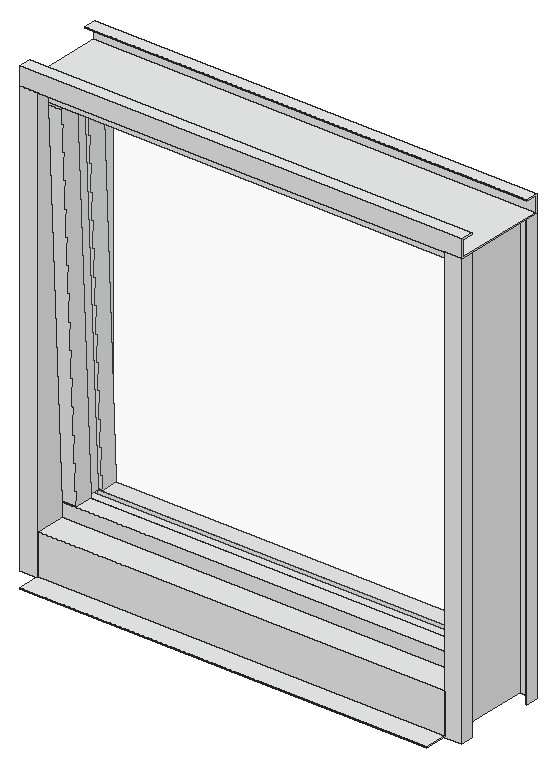
Revit family "Specialty_Equipment-Bavis_Fabacraft-Premium_Drive-Up_Window NEW", category Specialty Equipment, host Wall, Revit 2020
Family settings
  Host = Wall
  Round Connector Dimension = Use Diameter
  Part Type = Normal
  OmniClass Number = 23.40.70.27.24.21
  OmniClass Title = Service and Teller Window Units
  Always vertical = Yes
  Cut with Voids When Loaded = No
  Shared = No
  Room Calculation Point = No
Parameters (values of type "3' Series Window - Trimless")
  Width = if(Constraints = 3, 2' 8", if(Constraints = 5, 4' 8", if(Constraints = 8, 7' 4 3/8", if(Constraints = 10, 9' 3 1/2", if(Constraints = 12, 11' 6 1/8", 2' 8")))))  # 2' - 8"
  Warranty URL = ""
  Video Link = "https://www.youtube.com/watch?v=4XuO8WkjTBw"
  Version = "2020 - v1.0a"  # constant formula
  URL = "https://www.bavis.com/"
  Trim = no
  Support Phone = "224-699-9545"  # constant formula
  Support Email = "mailto:support@bimsmith.com"
  Rough Width = Width + 0' 0 1/2"  # 2' - 8 1/2"
  Rough Height = Height + 0' 0 1/4"  # 2' - 9"
  Mounting Height [instance] = 3' - 9.36914"
  Glazing = Glass - Bavis Fabacraft - Clear
  Product Page URL = "https://www.bavis.com/drive-up-premium-windows"
  Product Name = "Bavis Premium Drive-Up Windows"  # constant formula
  Product Documentation Link = "https://docs.bavis.com/windows/drive-up-windows"
  Model = "12001015"
  Material = ""
  Manufacturer Phone Number = "(513) 677-0500"  # constant formula
  Manufacturer Email = "mailto:sales@bavis.com"
  Manufacturer Address = "201 Grandin Road, Maineville, OH 45039"  # constant formula
  Manufacturer = "Bavis Fabacraft"  # constant formula
  Keynote = "08 51 00"
  Instruction Sheet Link = "https://docs.bavis.com/windows/drive-up-windows"
  Height = 2' - 8 3/4"  # constant formula
  Finish = Metal - Bavis Fabacraft -Aluminum
  Depth = 0' - 6 3/4"  # constant formula
  Default Elevation = 0' - 0"
  Copyright = "© 2022 Bavis Fabacraft, All Rights Reserved."  # constant formula
  Constraints = 3
  Inset [instance] = 0' - 0"
  C Center 2 = if(Constraints = 12, Width / 3, 0' 0")  # 0' - 0"
  C Center 1 = if(Constraints = 10, Width / 2, if(Constraints = 12, Width / 3, 0' 0"))  # 0' - 0"
  C Bracket [instance] = if(or(Trim, Constraints = 5), 0' 6 3/4", 0' 8 3/8")  # 0' - 8 3/8"
  C Base [instance] = if(and(Trim, (or(Constraints = 3, Constraints = 5, Constraints = 10))), 0' 2", 0' 3")  # 0' - 3"
  Assembly Code = "B2020100"
  12L = if(Constraints = 12, 1 = 1, 1 = 0)  # no
  10L = if(or(Constraints = 10, Constraints = 12), 1 = 1, 1 = 0)  # no
Types (11): name | Width | Warranty URL | Trim | Rough Width | Model | Constraints | C Center 2 | C Center 1 | C Bracket | C Base | 12L | 10L
  (no name) | 2' - 8" | "" | no | 2' - 8 1/2" | "12001015" | 3 | 0' - 0" | 0' - 0" | 0' - 8 3/8" | 0' - 3" | no | no
  3' Series Window - Trimless | 2' - 8" | "" | no | 2' - 8 1/2" | "12001015" | 3 | 0' - 0" | 0' - 0" | 0' - 8 3/8" | 0' - 3" | no | no
  5' Series Window - Trimless | 4' - 8" | "" | no | 4' - 8 1/2" | "12001006" | 5 | 0' - 0" | 0' - 0" | 0' - 6 3/4" | 0' - 3" | no | no
  8' Series Window - Trimless | 7' - 4 3/8" | "" | no | 7' - 4 7/8" | "12001007" | 8 | 0' - 0" | 0' - 0" | 0' - 8 3/8" | 0' - 3" | no | no
  10' Series Window - Trimless | 9' - 3 1/2" | "" | no | 9' - 4" | "12001008" | 10 | 0' - 0" | 4' - 7 3/4" | 0' - 8 3/8" | 0' - 3" | no | yes
  12' Series Window - Trimless | 11' - 6 1/8" | "" | no | 11' - 6 5/8" | "12001002" | 12 | 3' - 10.04167" | 3' - 10.04167" | 0' - 8 3/8" | 0' - 3" | yes | yes
  3' Series Window - Trim | 2' - 8" | "Contact Manufacturer for Warranty Information" | yes | 2' - 8 1/2" | "12000987" | 3 | 0' - 0" | 0' - 0" | 0' - 6 3/4" | 0' - 2" | no | no
  5' Series Window - Trim | 4' - 8" | "" | yes | 4' - 8 1/2" | "12000994" | 5 | 0' - 0" | 0' - 0" | 0' - 6 3/4" | 0' - 2" | no | no
  8' Series Window - Trim | 7' - 4 3/8" | "" | yes | 7' - 4 7/8" | "12000996" | 8 | 0' - 0" | 0' - 0" | 0' - 6 3/4" | 0' - 3" | no | no
  10' Series Window - Trim | 9' - 3 1/2" | "" | yes | 9' - 4" | "12000995" | 10 | 0' - 0" | 4' - 7 3/4" | 0' - 6 3/4" | 0' - 2" | no | yes
  12' Series Window - Trim | 11' - 6 1/8" | "" | yes | 11' - 6 5/8" | "12001000" | 12 | 3' - 10.04167" | 3' - 10.04167" | 0' - 6 3/4" | 0' - 3" | yes | yes
Reference planes (in)
  plane 1: y = 0
  plane 2 "Center (Left/Right)": x = 0
  plane 3 "Back": y = 3.375
  plane 4: y = 3.375
  plane 5 "FF": z = 0
  plane 6: z = 78.11914
  plane 7: z = 45.36914
  plane 8: x = 16
  plane 9: x = -16
  plane 10: z = 61.74414
  plane 11: x = 16.25
  plane 12: x = -16.25
  plane 13: z = 78.36914
  plane 14: y = 3.375
  plane 15 "F": y = -3.375
  plane 16: y = 0
  plane 17 "L": x = -14.72866
  plane 18 "R": x = 14.72866
  plane 19 "S": x = -13.97866
  plane 20 "T": x = 13.97866
  plane 21 "C1": x = -16
  plane 22 "C2": x = -16
  plane 23: z = 48.36914
  plane 24: y = 0.5
  plane 25: y = -0.5
Forms (in)
  Extrusion 1, void
    sketch origin (216, 3.375, 156) x (0, 0, -1) y (1, 0, 0)
      loop
        line (77.88086, -200) -> (77.88086, -232) -> (110.63086, -232) -> (110.63086, -200) -> (77.88086, -200)
    from -4 to 34.26016
  Sweep 2, solid, material "Metal - Bavis Fabacraft -Aluminum" <- "Finish"
    path origin (0, -3.375, 0) x (0, 0, 1) y (-1, 0, 0)
      loop
        line (78.11914, -16) -> (78.11914, 16)
    profile origin (0, -3.375, 78.11914) x (0, 0, -1) y (0, -1, 0)
      loop
        line (0, 0) -> (0, -0.89844) -> (0.09375, -0.89844) -> (0.09375, -0.09375) -> (1.17759, -0.09375) -> (1.17759, -6.65625) -> (0.09375, -6.65625) -> (0.09375, -5.85156) -> (0, -5.85156) -> (0, -6.75) -> (1.27134, -6.75) -> (1.27134, 0) -> (0, 0)
  Sweep 3, solid, material "Metal - Bavis Fabacraft -Aluminum" <- "Finish"
    path origin (0, -3.375, 0) x (0, 0, 1) y (-1, 0, 0)
      loop
        line (76.8478, -16) -> (45.36914, -16)
    profile origin (16, -3.375, 61.10847) x (0, -1, 0) y (1, 0, 0)
      loop
        line (0, -32) -> (0, -30.72866) -> (-6.75, -30.72866) -> (-6.75, -32) -> (-5.85156, -32) -> (-5.85156, -31.90625) -> (-6.65625, -31.90625) -> (-6.65625, -30.82241) -> (-0.09375, -30.82241) -> (-0.09375, -31.90625) -> (-0.89844, -31.90625) -> (-0.89844, -32) -> (0, -32)
      loop
        line (0, 0) -> (-0.89844, 0) -> (-0.89844, -0.09375) -> (-0.09375, -0.09375) -> (-0.09375, -1.17759) -> (-6.65625, -1.17759) -> (-6.65625, -0.09375) -> (-5.85156, -0.09375) -> (-5.85156, 0) -> (-6.75, 0) -> (-6.75, -1.27134) -> (0, -1.27134) -> (0, 0)
  Sweep 4, solid, material "Metal - Bavis Fabacraft -Aluminum" <- "Finish"
    path origin (0, -3.375, 0) x (0, 0, 1) y (-1, 0, 0)
      loop
        line (45.36914, -14.72866) -> (45.36914, 14.72866)
    profile origin (0, -3.375, 45.36914) x (0, 0, -1) y (0, -1, 0)
      loop
        line (0, -6.75) -> (0, -6.65625) -> (-2.90862, -6.65625) -> (-2.90862, -0.09375) -> (-0.1875, -0.09375) -> (-0.1875, -0.55323) -> (-0.09375, -0.55323) -> (-0.09375, 0) -> (-3.00237, 0) -> (-3.00237, -6.75) -> (0, -6.75)
  Sweep 5, solid, material "Metal - Bavis Fabacraft -Aluminum" <- "Finish"
    path origin (0, -3.375, 0) x (0, 0, 1) y (-1, 0, 0)
      loop
        line (45.36914, -14.72866) -> (45.36914, 14.72866)
    profile origin (0, -3.375, 45.36914) x (0, 0, -1) y (0, -1, 0)
      loop
        line (-0.95271, -6.5625) -> (-0.95271, -6.65625) -> (0, -6.65625) -> (0, 1.625) -> (-0.09375, 1.625) -> (-0.09375, -6.5625) -> (-0.95271, -6.5625)
  Extrusion 6, solid, material "Metal - Bavis Fabacraft -Aluminum" <- "Finish"
    sketch origin (0, 0, 0) x (0, 1, 0) y (0, 0, 1)
      loop
        line (1.22638, 76.8478) -> (-2.47656, 76.8478) -> (-2.47656, 75.8478) -> (-1.12509, 75.8478) -> (-1.12509, 76.0978) -> (-0.12509, 76.0978) -> (-0.12509, 75.8478) -> (1.22638, 75.8478) -> (1.22638, 76.8478)
      loop
        line (2.47656, 49.36914) -> (1.12509, 49.36914) -> (1.12509, 49.11914) -> (0.13779, 49.11914) -> (0.13779, 49.36914) -> (-1.21074, 49.36914) -> (-1.21074, 48.36914) -> (2.47656, 48.36914) -> (2.47656, 49.36914)
    from -14.72866 to 14.72866
  Extrusion 7, solid, material "Glass - Bavis Fabacraft - Clear" <- "Glazing"
    sketch origin (0, 0, 0) x (0, 1, 0) y (0, 0, 1)
      loop
        line (-1.12509, 76.0978) -> (-1.12509, 75.70877) -> (0.13458, 49.3697) -> (0.13458, 48.9965) -> (1.12509, 48.9965) -> (1.12509, 49.36097) -> (-0.12514, 75.73349) -> (-0.12514, 76.0978) -> (-1.12509, 76.0978)
    from -13.97866 to 13.97866
  Sweep 8, solid, material "Metal - Bavis Fabacraft -Aluminum" <- "Finish", visible <- "10L"
    path origin (-16, 0, 0) x (0, 0, 1) y (0, 1, 0)
      loop
        line (75.8478, -0.62509) -> (75.72164, -0.62509) -> (49.47278, 0.62509) -> (49.36914, 0.62509)
    profile origin (-16, 0.62509, 49.42096) x (-1, 0, 0) y (0, -1, 0)
      loop
        line (1.75, 1.83945) -> (-1.75, 1.83945) -> (-1.75, 0.49052) -> (-1.5, 0.49052) -> (-1.5, -0.49944) -> (-1.75, -0.49944) -> (-1.75, -1.84949) -> (1.75, -1.84949) -> (1.75, -0.49944) -> (1.5, -0.49944) -> (1.5, 0.49052) -> (1.75, 0.49052) -> (1.75, 1.83945)
  Sweep 9, solid, material "Metal - Bavis Fabacraft -Aluminum" <- "Finish", visible <- "12L"
    path origin (-16, 0, 0) x (0, 0, 1) y (0, 1, 0)
      loop
        line (75.8478, -0.62509) -> (75.72164, -0.62509) -> (49.47278, 0.62509) -> (49.36914, 0.62509)
    profile origin (-16, 0.62509, 49.42096) x (-1, 0, 0) y (0, -1, 0)
      loop
        line (1.79167, 1.83945) -> (-1.70833, 1.83945) -> (-1.70833, 0.49052) -> (-1.45833, 0.49052) -> (-1.45833, -0.49944) -> (-1.70833, -0.49944) -> (-1.70833, -1.84949) -> (1.79167, -1.84949) -> (1.79167, -0.49944) -> (1.54167, -0.49944) -> (1.54167, 0.49052) -> (1.79167, 0.49052) -> (1.79167, 1.83945)
  Sweep 10, solid, material "Metal - Bavis Fabacraft -Aluminum" <- "Finish", visible <- "Trim"
    path origin (0, -3.375, 0) x (0, 0, 1) y (-1, 0, 0)
      loop
        line (45.36914, -16) -> (78.11914, -16) -> (78.11914, 16) -> (45.36914, 16)
    profile origin (0, -3.375, 78.11914) x (0, 0, -1) y (0, -1, 0)
      loop
        line (1.27134, -0.89844) -> (1.27134, 0.47656) -> (-2.72866, 0.47656) -> (-2.72866, -0.89844) -> (1.27134, -0.89844)
  Sweep 11, solid, material "Metal - Bavis Fabacraft -Aluminum" <- "Finish", visible <- "12L"
    path origin (14.72866, 0, 0) x (0, 0, 1) y (0, 1, 0)
      loop
        line (75.8478, -0.62509) -> (75.72164, -0.62509) -> (49.47278, 0.62509) -> (49.36914, 0.62509)
    profile origin (14.72866, 0.62509, 49.42096) x (1, 0, 0) y (0, 1, 0)
      loop
        line (0, 1.83945) -> (-1, 1.83945) -> (-1, 0.49052) -> (-0.75, 0.49052) -> (-0.75, -0.49944) -> (-1, -0.49944) -> (-1, -1.84949) -> (0, -1.84949) -> (0, 1.83945)
  Sweep 12, solid, material "Metal - Bavis Fabacraft -Aluminum" <- "Finish"
    path origin (-14.72866, 0, 0) x (0, 0, 1) y (0, 1, 0)
      loop
        line (75.8478, -0.62509) -> (75.72164, -0.62509) -> (49.47278, 0.62509) -> (49.36914, 0.62509)
    profile origin (-14.72866, 0.62509, 49.42096) x (-1, 0, 0) y (0, -1, 0)
      loop
        line (0, 1.83945) -> (-1, 1.83945) -> (-1, 0.49052) -> (-0.75, 0.49052) -> (-0.75, -0.49944) -> (-1, -0.49944) -> (-1, -1.84949) -> (0, -1.84949) -> (0, 1.83945)
Text (in)
  text "Placement Side" at (0, 40.15149, 123.01588), in view "Right"
  text "Placement Side" at (-58.6842, 42.74981, 0), in view "Ref. Level"
  text "Placement Side" at (0, 47.49176, 140.59947), in view "Left"
Dimensions and locks (in)
  locked: plane 3 "Back" to host wall
  equal spacing: plane 9, plane 2 "Center (Left/Right)", plane 8
  "Width": plane 9 to plane 8
  equal spacing: plane 7, plane 10, plane 6
  "Height": plane 7 to plane 6
  "Mounting Height": plane 5 "FF" to plane 7
  equal spacing: plane 12, plane 2 "Center (Left/Right)", plane 11
  "Rough Width": plane 12 to plane 11
  "Rough Height": plane 7 to plane 13
  "Inset": plane 15 "F" to host wall
  "Depth": plane 14 to plane 15 "F"
  locked: Sweep 3 sketch curve to plane 6 at 1.27134
  locked: plane 9 to Sweep 4 sketch curve at 1.27134
  locked: Sweep 4 sketch curve to plane 8 at 1.27134
  locked: Sweep 5 sketch curve to plane 8 at 1.27134
  locked: plane 9 to Sweep 5 sketch curve at 1.27134
  "C Bracket": plane 14 to Sweep 5 sketch curve
  plane 9 to Sweep 3 sketch curve to Sweep 3 sketch curve to Sweep 3 sketch curve to Sweep 3 sketch curve to Sweep 3 sketch curve to Sweep 3 sketch curve = 0' - 0" locked, 0' - 0" locked, 0' - 0 3/32" locked, 0' - 0" locked, 0' - 1.08384" locked, 0' - 0 3/32" locked
  Sweep 3 sketch curve to Sweep 3 sketch curve to Sweep 3 sketch curve to Sweep 3 sketch curve to plane 8 to Sweep 3 sketch curve to Sweep 3 sketch curve = 0' - 0 3/32" locked, 0' - 1.08384" locked, 0' - 0" locked, 0' - 0 3/32" locked, 0' - 0" locked, 0' - 0" locked
  equal spacing: plane 15 "F", plane 16, plane 14
  Sweep 3 sketch curve to Sweep 3 sketch curve to Sweep 3 sketch curve to Sweep 3 sketch curve to plane 14 to Sweep 3 sketch curve to Sweep 3 sketch curve = 0' - 0" locked, 0' - 0 103/128" locked, 0' - 0" locked, 0' - 0 3/32" locked, 0' - 0" locked, 0' - 0" locked
  plane 15 "F" to Sweep 3 sketch curve to Sweep 3 sketch curve to Sweep 3 sketch curve to Sweep 3 sketch curve to Sweep 3 sketch curve to Sweep 3 sketch curve = 0' - 0" locked, 0' - 0" locked, 0' - 0 3/32" locked, 0' - 0" locked, 0' - 0 103/128" locked, 0' - 0" locked
  plane 6 to Sweep 2 sketch curve to Sweep 2 sketch curve to Sweep 2 sketch curve to Sweep 2 sketch curve to Sweep 2 sketch curve to Sweep 2 sketch curve = 0' - 0" locked, 0' - 0" locked, 0' - 0 3/32" locked, 0' - 0" locked, 0' - 1.08384" locked, 0' - 0 3/32" locked
  Sweep 2 sketch curve to Sweep 2 sketch curve to plane 15 "F" to Sweep 2 sketch curve = 0' - 0 103/128" locked, 0' - 0 3/32" locked, 0' - 0" locked
  plane 14 to Sweep 2 sketch curve to Sweep 2 sketch curve to Sweep 2 sketch curve = 0' - 0" locked, 0' - 0 3/32" locked, 0' - 0 103/128" locked
  plane 14 to Sweep 4 sketch curve to Sweep 4 sketch curve = 0' - 0" locked, 0' - 0 3/32" locked
  Sweep 4 sketch curve to Sweep 4 sketch curve to plane 15 "F" to Sweep 4 sketch curve = 0' - 0.45948" locked, 0' - 0 3/32" locked, 0' - 0" locked
  Sweep 4 sketch curve to Sweep 4 sketch curve to plane 7 to Sweep 4 sketch curve = 0' - 0 3/32" locked, 0' - 0 3/32" locked, 0' - 0" locked
  plane 14 to Sweep 5 sketch curve to Sweep 5 sketch curve = 0' - 0 3/32" locked, 0' - 0 3/32" locked
  Sweep 5 sketch curve to Sweep 5 sketch curve to plane 7 to Sweep 5 sketch curve = 0' - 0.85896" locked, 0' - 0 3/32" locked, 0' - 0" locked
  plane 14 to Extrusion 6 sketch curve to Extrusion 6 sketch curve to Extrusion 6 sketch curve to Extrusion 6 sketch curve = 0' - 0 115/128" locked, 0' - 1.35147" locked, 0' - 0.9873" locked, 0' - 1.34853" locked
  Extrusion 6 sketch curve to Extrusion 6 sketch curve to Extrusion 6 sketch curve to Extrusion 6 sketch curve to plane 23 = 0' - 0" locked, 0' - 0 1/4" locked, 0' - 0 3/4" locked, 0' - 0" locked
  Extrusion 6 sketch curve to Extrusion 6 sketch curve to Extrusion 6 sketch curve to Extrusion 6 sketch curve to plane 15 "F" = 0' - 1.35147" locked, 0' - 1" locked, 0' - 1.35147" locked, 0' - 0 115/128" locked
  plane 6 to Extrusion 6 sketch curve to Extrusion 6 sketch curve to Extrusion 6 sketch curve to Extrusion 6 sketch curve = 0' - 1.27134" locked, 0' - 0 3/4" locked, 0' - 0 1/4" locked, 0' - 0" locked
  Extrusion 7 sketch curve to Extrusion 7 sketch curve to plane 16 to Extrusion 7 sketch curve to Extrusion 7 sketch curve = 0' - 0.99052" locked, 0' - 0.13458" locked, 0' - 0.12514" locked, 0' - 0.99995" locked
  plane 6 to Extrusion 7 sketch curve to Extrusion 7 sketch curve to Extrusion 7 sketch curve = 0' - 2.02134" locked, 0' - 0.36431" locked, 0' - 0.02471" locked
  Extrusion 7 sketch curve to Extrusion 7 sketch curve to Extrusion 7 sketch curve to plane 23 = 0' - 0.00874" locked, 0' - 0.36446" locked, 0' - 0.62737" locked
  locked: plane 9 to plane 17 "L" at 1.27134
  locked: plane 18 "R" to plane 8 at 1.27134
  locked: plane 17 "L" to plane 19 "S" at 0.75
  locked: plane 20 "T" to plane 18 "R" at 0.75
  "C Center 1": plane 9 to plane 21 "C1"
  "C Center 2": plane 21 "C1" to plane 22 "C2"
  Sweep 8 sketch curve to Sweep 8 sketch curve to Sweep 8 sketch curve to plane 21 "C1" to Sweep 8 sketch curve to Sweep 8 sketch curve = 0' - 0" locked, 0' - 0 1/4" locked, 0' - 1 1/2" locked, 0' - 1 1/2" locked, 0' - 0 1/4" locked
  Sweep 8 sketch curve to plane 16 to Sweep 8 sketch curve to Sweep 8 sketch curve to Sweep 8 sketch curve to Sweep 8 sketch curve to Sweep 8 sketch curve = 0' - 1.21435" locked, 0' - 0.13458" locked, 0' - 0" locked, 0' - 0.98996" locked, 0' - 0" locked, 0' - 1.35005" locked
  Sweep 9 sketch curve to Sweep 9 sketch curve to Sweep 9 sketch curve to plane 22 "C2" to Sweep 9 sketch curve to Sweep 9 sketch curve = 0' - 0" locked, 0' - 0 1/4" locked, 0' - 1.54167" locked, 0' - 1.45833" locked, 0' - 0 1/4" locked
  Sweep 9 sketch curve to plane 16 to Sweep 9 sketch curve to Sweep 9 sketch curve to Sweep 9 sketch curve to Sweep 9 sketch curve to Sweep 9 sketch curve = 0' - 1.21435" locked, 0' - 0.13458" locked, 0' - 0" locked, 0' - 0.98996" locked, 0' - 0" locked, 0' - 1.35005" locked
  Sweep 10 sketch curve to plane 15 "F" to Sweep 10 sketch curve = 0' - 0 115/128" locked, 0' - 0 61/128" locked
  Sweep 10 sketch curve to plane 6 to Sweep 10 sketch curve = 0' - 2.72866" locked, 0' - 1.27134" locked
  "C Base": plane 23 to plane 7
  Sweep 4 sketch curve to plane 23 to Sweep 4 sketch curve = 0' - 0.00237" locked, 0' - 0.09138" locked
  Sweep 8 sketch curve to plane 16 to Sweep 8 sketch curve = 0' - 0.62509" locked, 0' - 0.62509" locked
  Sweep 9 sketch curve to plane 16 to Sweep 9 sketch curve = 0' - 0.62509" locked, 0' - 0.62509" locked
  plane 24 to plane 16 to plane 25 = 0' - 0 1/2" locked, 0' - 0 1/2" locked
  Sweep 11 sketch curve to Sweep 11 sketch curve = 0' - 1.25019"
  Sweep 12 sketch curve to Sweep 12 sketch curve = 0' - 1.25019"
  plane 17 "L" to Sweep 12 sketch curve to Sweep 12 sketch curve to Sweep 12 sketch curve to Sweep 12 sketch curve = 0' - 0" locked, 0' - 0 3/4" locked, 0' - 0 1/4" locked, 0' - 0" locked
  Sweep 12 sketch curve to plane 16 to Sweep 12 sketch curve to Sweep 12 sketch curve to Sweep 12 sketch curve = 0' - 1.21435" locked, 0' - 0.13458" locked, 0' - 0.98996" locked, 0' - 1.35005" locked
  Sweep 12 sketch curve to Sweep 12 sketch curve to plane 23 = 0' - 0.10364" locked, 0' - 1" locked
  plane 6 to Sweep 12 sketch curve to Sweep 12 sketch curve = 0' - 2.27134" locked, 0' - 0.12615" locked
  plane 6 to Sweep 11 sketch curve to Sweep 11 sketch curve = 0' - 2.27134" locked, 0' - 0.12615" locked
  Sweep 11 sketch curve to Sweep 11 sketch curve to plane 23 = 0' - 0.10364" locked, 0' - 1" locked
  Sweep 11 sketch curve to Sweep 11 sketch curve to plane 24 to Sweep 11 sketch curve to Sweep 11 sketch curve = 0' - 1.35005" locked, 0' - 0.37435" locked, 0' - 0.61561" locked, 0' - 1.34893" locked
  Sweep 11 sketch curve to Sweep 11 sketch curve to Sweep 11 sketch curve to plane 18 "R" to Sweep 11 sketch curve = 0' - 0" locked, 0' - 0 1/4" locked, 0' - 0 3/4" locked, 0' - 0" locked
  Sweep 8 sketch curve to Sweep 8 sketch curve to plane 23 = 0' - 0.10364" locked, 0' - 1" locked
  plane 6 to Sweep 8 sketch curve to Sweep 8 sketch curve = 0' - 2.27134" locked, 0' - 0.12615" locked
  plane 6 to Sweep 9 sketch curve to Sweep 9 sketch curve = 0' - 2.27134" locked, 0' - 0.12615" locked
  Sweep 9 sketch curve to Sweep 9 sketch curve to plane 23 = 0' - 0.10364" locked, 0' - 1" locked
  aligned and locked: host wall to plane 4
  aligned and locked: plane 7 to Extrusion 1 sketch curve
  aligned and locked: Extrusion 1 sketch curve to plane 6
  aligned and locked: Extrusion 1 sketch curve to plane 9
  aligned and locked: plane 8 to Extrusion 1 sketch curve
  aligned and locked: plane 9 to Sweep 2 sketch curve
  aligned and locked: Sweep 2 sketch curve to plane 6
  aligned and locked: plane 8 to Sweep 2 sketch curve
  aligned and locked: plane 7 to Sweep 3 sketch curve
  aligned and locked: Sweep 3 sketch curve to plane 8
  aligned and locked: Sweep 4 sketch curve to plane 7
  aligned and locked: Sweep 5 sketch curve to plane 7
  aligned and locked: plane 19 "S" to Extrusion 7
  aligned and locked: plane 20 "T" to Extrusion 7
  aligned and locked: Sweep 10 sketch curve to plane 6
  aligned and locked: plane 8 to Sweep 10 sketch curve
  aligned and locked: plane 7 to Sweep 10 sketch curve  (x2)
  aligned and locked: Sweep 10 sketch curve to plane 9
  aligned and locked: plane 17 "L" to Extrusion 6
  aligned and locked: plane 18 "R" to Extrusion 6
Automatic sketch dimensions
  Sweep 8 sketch curve to Sweep 8 sketch curve = 0' - 0 1/4"
  Sweep 9 sketch curve to Sweep 9 sketch curve = 0' - 0 1/4"
  Sweep 12 sketch curve to plane 25 = 0' - 0.12509"
  plane 25 to Sweep 11 sketch curve = 0' - 0.12509"
